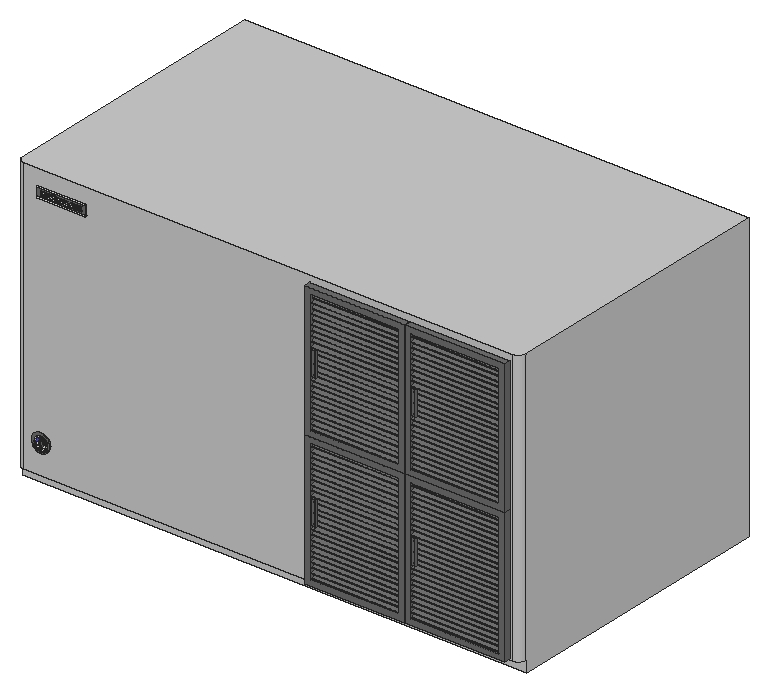
Revit family "QF_HOSHIZAKI_KM-590DJE-R452", category Specialty Equipment, Revit 2016
Family settings
  Part Type = Normal
  Round Connector Dimension = Use Diameter
  OmniClass Number = 23.40.40.14
  OmniClass Title = Food Service Equipment
  Work Plane-Based = No
  Always vertical = Yes
  Cut with Voids When Loaded = No
  Shared = No
  Room Calculation Point = No
Parameters (values of type "KM-590DJE-R452_230V/1Ph/50Hz")
  Weight = 136.00 kg
  Waste Remarks [instance] = ""
  Volts = 230 V
  URL Cutsheet = ""
  URL = "www.hoshizaki-europe.com"
  Status [instance] = ""
  Specification by User [instance] = ""
  Specification by Manufacturer [instance] = ""
  Serial Number = ""
  Seismic Rating = ""
  SMACNA No = ""
  Revision Code [instance] = ""
  Phase = 1
  Number of Poles = 2
  NAFEM Spec ID Number = ""
  Model = "KM-590DJE-R452"
  Min Ckt Ampacity = 0 A
  Max Overcurrent Protection = 0 A
  Masterspec = ""
  Manufacturer = "HOSHIZAKI"
  Length Actual = 1225 mm
  Item Number [instance] = ""
  Installed By [instance] = ""
  Indirect Waste Size = 19.05 mm
  Indirect Waste Connection Type [instance] = ""
  Indirect Waste Connection Height [instance] = 26 mm
  Identify Quantity as Lot [instance] = no
  Height Actual = 695 mm
  HP power = ""
  Furnished By [instance] = ""
  Foodservice Equipment Identifier [instance] = yes
  FL Amps = 9 A
  Electric power = 2080 W
  Electric Connection Type [instance] = ""
  Elec Conn RI Height [instance] = 0 mm
  Elec Conn Connection Height [instance] = 643 mm
  Direct Waste RI Height [instance] = 0 mm
  Description = "MODULAR KM ICE MAKER, 630KG PER 24 HOURS, CRESCENT"
  Depth Actual = 695 mm
  Cycle = 50 Hz
  Cost = 0
  Conn Plug = ""
  Conn Conduit = no
  Cold Water Temperature Recommended = 0 °C
  Cold Water Size = 12.7 mm
  Cold Water Flow = 0.0 L/s
  Cold Water Connection Height [instance] = 643 mm
  CSI MasterFormat = ""
  Assembly Code = "E1090320"
  Apparent Power = 2080 VA
  Accessory = no
Reference planes
  plane 1 "Center (Front/Back)": y = 0
  plane 2: z = 0
  plane 3 "Center (Left/Right)": x = 0
Forms (mm)
  Extrusion 1, solid, not visible
    sketch origin (978, -2, 642) x (1, 0, 0) y (0, 1, 0)
      loop
        line (0, 0) -> (2, 0) -> (2, 2) -> (0, 2) -> (0, 0)
    from 0 to 2
  Extrusion 2, solid, not visible
    sketch origin (796, -2, 642) x (1, 0, 0) y (0, 1, 0)
      loop
        line (0, 0) -> (2, 0) -> (2, 2) -> (0, 2) -> (0, 0)
    from 0 to 2
  Extrusion 3, solid, not visible
    sketch origin (194, -2, 25) x (1, 0, 0) y (0, 1, 0)
      loop
        line (0, 0) -> (2, 0) -> (2, 2) -> (0, 2) -> (0, 0)
    from 0 to 2
Dimensions and locks
  aligned and locked: level to plane 2
Nested families
  nested 1: "QF_HOSHIZAKI_KM-590DJE-R452_230V_1Ph_50Hz" at (0, 0, 0), type "KM-590DJE-R452_230V/1Ph/50Hz"
    with Show Logo yes, Show Clearance yes
Connectors
  electrical at (979, 0, 643), driven by "Apparent Power", driven by "Number of Poles", driven by "Volts"
    settings: on Extrusion 1, index 1, voltage 230 V, apparent load 0 VA, apparent load phase1 2080 VA, apparent load phase2 0 VA, apparent load phase3 0 VA, power factor 1, load classification "Other", number of poles 2, system type 31, power factor state 1, is connector primary yes, connector utility no, sub classification motor no, connector description "Electric connection for 'KM-590DJE-R452'"
  piping at (797, 0, 643), diameter 12.7, driven by "Cold Water Size", driven by "Cold Water Flow"
    settings: on Extrusion 2, index 2, connector inside diameter 609.6 mm, connector length 0 mm, flow factor 0, pipe flow 0.0 L/s, pressure drop 0.0 Pa, fitting loss kfactor 0, connector angle 0.00°, fixture units 0, engagement length 0 mm, angle of deflection 0.00°, flow configuration 1, flow direction 1, fitting loss method 0, system type 20, joint type 0, gender type 0, connector reference index -1, connector utility 0, adjustable connector no, is connector primary yes, connector description "Cold Water connection for 'KM-590DJE-R452'"
  piping at (195, 0, 26), diameter 19.05, driven by "Indirect Waste Size"
    settings: on Extrusion 3, index 3, connector inside diameter 609.6 mm, connector length 0 mm, flow factor 0, pipe flow 0.0 L/s, pressure drop 0.0 Pa, fitting loss kfactor 0, connector angle 0.00°, fixture units 0, engagement length 0 mm, angle of deflection 0.00°, flow configuration 1, flow direction 2, fitting loss method 0, system type 16, joint type 0, gender type 0, connector reference index -1, connector utility 0, adjustable connector no, is connector primary no, connector description "Drain connection for 'KM-590DJE-R452'"
Definition of nested family "QF_HOSHIZAKI_KM-590DJE-R452_230V_1Ph_50Hz"
  Parameters (values of type "KM-590DJE-R452_230V/1Ph/50Hz")
    URL = "www.hoshizaki-europe.com"
    Show Logo [instance] = yes
    Show Clearance [instance] = yes
    Model = "KM-590DJE-R452"
    Manufacturer = "HOSHIZAKI"
    Description = "MODULAR KM ICE MAKER, 630KG PER 24 HOURS, CRESCENT"
    Assembly Code = "E1090320"
  Reference planes
    plane 1 "Back": y = 0
    plane 2: z = 0
    plane 3 "Left": x = 0
    plane 4 "Right": x = 1225
    plane 5 "Front": y = -695
    plane 6 "Top": z = 695
  Forms (mm)
    Extrusion 1, solid
      sketch origin (63, 0, -5) x (1, 0, 0) y (0, 0, 1)
        loop
          circle (132, 31) r 14
        loop
          circle (132, 31) r 12
      from 0 to -20
    Extrusion 2, solid
      sketch origin (319, 0, -132) x (1, 0, 0) y (0, 0, 1)
        loop
          circle (478, 775) r 14
        loop
          circle (478, 775) r 12
      from 0 to -20
    Extrusion 3, solid, visible <- "Show Logo"
      sketch origin (25, -695, 83.5) x (-1, 0, 0) y (0, 0, 1)
        loop
          line (-34.966, 567.015) -> (-40.766, 567.015) -> (-40.766, 565.73) -> (-38.944, 564.902) -> (-38.944, 562.682) -> (-43.554, 562.682) -> (-43.554, 564.902) -> (-41.731, 565.73) -> (-41.731, 567.015) -> (-47.532, 567.015) -> (-47.532, 565.73) -> (-46.098, 564.902) -> (-46.098, 558.114) -> (-47.532, 557.286) -> (-47.532, 556) -> (-41.731, 556) -> (-41.731, 557.286) -> (-43.554, 558.114) -> (-43.554, 560.673) -> (-38.944, 560.673) -> (-38.944, 558.114) -> (-40.766, 557.286) -> (-40.766, 556) -> (-34.966, 556) -> (-34.966, 557.286) -> (-36.4, 558.114) -> (-36.4, 564.902) -> (-34.966, 565.73) -> (-34.966, 567.015)
        loop
          spline (-53.399, 556.042) -> (-51.878, 556.229) -> (-50.461, 556.777) -> (-49.244, 557.649) -> (-48.31, 558.785) -> (-47.723, 560.108) -> (-47.523, 561.528) -> (-47.723, 562.949) -> (-48.31, 564.272) -> (-49.244, 565.408) -> (-50.461, 566.28) -> (-51.878, 566.828) -> (-53.399, 567.015)
          spline (-53.399, 567.015) -> (-54.92, 566.828) -> (-56.337, 566.28) -> (-57.554, 565.408) -> (-58.488, 564.272) -> (-59.075, 562.949) -> (-59.276, 561.528) -> (-59.075, 560.108) -> (-58.488, 558.785) -> (-57.554, 557.649) -> (-56.337, 556.777) -> (-54.92, 556.229) -> (-53.399, 556.042)
        loop
          spline (-53.299, 557.388) -> (-52.547, 557.529) -> (-51.847, 557.943) -> (-51.245, 558.601) -> (-50.784, 559.458) -> (-50.493, 560.457) -> (-50.394, 561.528) -> (-50.493, 562.6) -> (-50.784, 563.598) -> (-51.245, 564.456) -> (-51.847, 565.114) -> (-52.547, 565.527) -> (-53.299, 565.668)
          spline (-53.299, 565.668) -> (-54.051, 565.527) -> (-54.752, 565.114) -> (-55.353, 564.456) -> (-55.815, 563.598) -> (-56.105, 562.6) -> (-56.204, 561.528) -> (-56.105, 560.457) -> (-55.815, 559.458) -> (-55.353, 558.601) -> (-54.752, 557.943) -> (-54.051, 557.529) -> (-53.299, 557.388)
        loop
          line (-69.829, 567.094) -> (-69.829, 563.369) -> (-68.139, 563.369) -> (-66.541, 565.495)
          arc (-66.541, 565.495) -> (-65.019, 565.695) -> (-63.498, 565.495) r 5.879
          arc (-63.498, 565.495) -> (-62.682, 564.432) -> (-63.498, 563.369) r 1.1
          line (-63.498, 563.369) -> (-69.29, 561.817)
          arc (-69.29, 561.817) -> (-70.234, 559.317) -> (-69.29, 556.817) r 3.783
          arc (-69.29, 556.817) -> (-65.84, 555.742) -> (-62.391, 556.817) r 6.071
          line (-62.391, 556.817) -> (-61.743, 556.17) -> (-59.855, 556.17) -> (-59.855, 559.779) -> (-61.862, 559.779) -> (-63.839, 557.802)
          arc (-63.839, 557.802) -> (-65.344, 557.537) -> (-66.85, 557.802) r 4.401
          arc (-66.85, 557.802) -> (-67.476, 558.697) -> (-66.85, 559.592) r 0.953
          line (-66.85, 559.592) -> (-61.612, 561.499)
          arc (-61.612, 561.499) -> (-59.989, 563.999) -> (-61.612, 566.499) r 2.737
          arc (-61.612, 566.499) -> (-64.578, 567.129) -> (-67.544, 566.499) r 7.289
          line (-67.544, 566.499) -> (-68.139, 567.094) -> (-69.829, 567.094)
        loop
          line (-71.301, 567.015) -> (-77.102, 567.015) -> (-77.102, 565.73) -> (-75.279, 564.902) -> (-75.279, 562.682) -> (-79.89, 562.682) -> (-79.89, 564.902) -> (-78.067, 565.73) -> (-78.067, 567.015) -> (-83.867, 567.015) -> (-83.867, 565.73) -> (-82.433, 564.902) -> (-82.433, 558.114) -> (-83.867, 557.286) -> (-83.867, 556) -> (-78.067, 556) -> (-78.067, 557.286) -> (-79.89, 558.114) -> (-79.89, 560.673) -> (-75.279, 560.673) -> (-75.279, 558.114) -> (-77.102, 557.286) -> (-77.102, 556) -> (-71.301, 556) -> (-71.301, 557.286) -> (-72.736, 558.114) -> (-72.736, 564.902) -> (-71.301, 565.73) -> (-71.301, 567.015)
        loop
          line (-90.776, 567.015) -> (-90.776, 565.73) -> (-89.342, 564.902) -> (-89.342, 558.114) -> (-90.776, 557.286) -> (-90.776, 556) -> (-84.989, 556) -> (-84.989, 557.286) -> (-86.423, 558.114) -> (-86.423, 564.902) -> (-84.989, 565.73) -> (-84.989, 567.015) -> (-90.776, 567.015)
        loop
          line (-92.073, 567.015) -> (-101.842, 567.015) -> (-101.842, 565.297) -> (-95.543, 557.791) -> (-98.873, 557.791) -> (-100.144, 558.681) -> (-100.144, 560.456) -> (-101.842, 560.456) -> (-101.842, 556) -> (-92.073, 556) -> (-92.073, 557.791) -> (-97.907, 564.744) -> (-97.907, 565.637) -> (-94.625, 565.637) -> (-93.746, 564.758) -> (-93.746, 562.341) -> (-92.073, 562.341) -> (-92.073, 567.015)
        loop
          line (-102.808, 556) -> (-102.808, 557.427) -> (-103.934, 557.427) -> (-107.808, 567.015) -> (-109.97, 567.015) -> (-113.886, 557.791) -> (-114.741, 557.791) -> (-114.741, 556) -> (-109.113, 556) -> (-109.113, 557.427) -> (-110.221, 557.427) -> (-111.13, 558.335) -> (-110.247, 559.596) -> (-106.153, 559.596) -> (-105.593, 558.058) -> (-106.224, 557.427) -> (-107.808, 557.427) -> (-107.808, 556) -> (-102.808, 556)
        loop
          line (-115.159, 567.015) -> (-120.444, 567.015) -> (-120.444, 565.595) -> (-119.405, 565.595) -> (-119.405, 561.351) -> (-123.648, 565.595) -> (-122.274, 565.595) -> (-122.274, 567.015) -> (-127.274, 567.015) -> (-127.274, 565.595) -> (-125.79, 565.595) -> (-123.002, 562.806) -> (-127.274, 557.791) -> (-128.486, 557.791) -> (-128.486, 556) -> (-122.274, 556) -> (-122.274, 557.791) -> (-123.993, 557.791) -> (-120.99, 560.794) -> (-119.405, 559.209) -> (-119.405, 557.791) -> (-120.444, 557.791) -> (-120.444, 556) -> (-115.444, 556) -> (-115.444, 557.791) -> (-116.869, 557.791) -> (-116.869, 565.595) -> (-115.159, 565.595) -> (-115.159, 567.015)
        loop
          line (-135, 567.015) -> (-135, 565.73) -> (-133.566, 564.902) -> (-133.566, 558.114) -> (-135, 557.286) -> (-135, 556) -> (-129.213, 556) -> (-129.213, 557.286) -> (-130.648, 558.114) -> (-130.648, 564.902) -> (-129.213, 565.73) -> (-129.213, 567.015) -> (-135, 567.015)
        loop
          line (-108.15, 564.538) -> (-109.61, 561.096) -> (-106.759, 561.096) -> (-108.15, 564.538)
      from 1 to -1.5
    Extrusion 4, solid, visible <- "Show Logo"
      sketch origin (25, -695, 83.5) x (-1, 0, 0) y (0, 0, 1)
        loop
          line (-25, 572) -> (-145, 572) -> (-145, 551) -> (-25, 551) -> (-25, 572)
      from 1 to -1
    Extrusion 5, solid, visible <- "Show Logo"
      sketch origin (25, -695, 83.5) x (-1, 0, 0) y (0, 0, 1)
        loop
          line (-28, 575) -> (-142, 575)
          arc (-142, 575) -> (-144.121, 574.121) -> (-145, 572) r 3
          line (-145, 572) -> (-25, 572)
          arc (-25, 572) -> (-25.879, 574.121) -> (-28, 575) r 3
        loop
          line (-142, 548) -> (-28, 548)
          arc (-28, 548) -> (-25.879, 548.879) -> (-25, 551) r 3
          line (-25, 551) -> (-145, 551)
          arc (-145, 551) -> (-144.121, 548.879) -> (-142, 548) r 3
      from 1 to -1
    Extrusion 6, solid, visible <- "Show Logo"
      sketch origin (519.884, -694.5, -1762.5) x (-1, 0, 0) y (0, 0, -1)
        loop
          circle (459.884, -1862.5) r 13.99
      from -0.5 to 2
    Extrusion 7, solid, visible <- "Show Logo"
      sketch origin (519.884, -695, -1762.5) x (-1, 0, 0) y (0, 0, -1)
        loop
          circle (459.884, -1862.5) r 15
        loop
          arc (446.884, -1862.5) -> (460.705, -1875.474) -> (472.781, -1860.863) r 13
          line (472.781, -1860.863) -> (470.355, -1858.437) -> (469.346, -1862.201) -> (466.355, -1863.928) -> (465.024, -1865.26) -> (463.375, -1865.26) -> (462.04, -1870.241) -> (457.755, -1870.241) -> (459.339, -1867.979) -> (460.402, -1864.014) -> (461.224, -1860.945) -> (462.416, -1856.497) -> (461.216, -1855.297) -> (459.433, -1857.843) -> (455.784, -1851.523) -> (460.361, -1851.523) -> (461.471, -1853.446) -> (469.213, -1853.446)
          arc (469.213, -1853.446) -> (460.394, -1849.51) -> (451.293, -1852.743) r 13
          line (451.293, -1852.743) -> (455.577, -1853.891) -> (453.752, -1856.497) -> (455.349, -1856.497) -> (454.477, -1866.459) -> (452.538, -1866.459) -> (446.884, -1862.5)
        loop
          line (447.853, -1857.467) -> (452.313, -1861.926) -> (450.144, -1853.891)
          arc (450.144, -1853.891) -> (448.878, -1855.602) -> (447.853, -1857.467) r 15.828
        loop
          line (463.583, -1862.877) -> (466.64, -1862.399) -> (464.901, -1861.285) -> (463.583, -1857.664) -> (463.583, -1862.877)
        loop
          line (464.827, -1855.979) -> (468.296, -1856.908) -> (469.573, -1854.916) -> (468.881, -1854.224) -> (467.914, -1855.035) -> (464.827, -1855.979)
        loop
          line (462.609, -1872.307) -> (462.609, -1874.009) -> (464.927, -1873.388) -> (462.609, -1872.307)
        loop
          line (460.361, -1874.662) -> (459.594, -1873.335) -> (460.801, -1872.638) -> (459.186, -1872.205) -> (458.298, -1874.11) -> (460.361, -1874.662)
        loop
          line (459.623, -1846.783) -> (460.706, -1845.701) -> (462.247, -1845.701) -> (461.191, -1844.645) -> (461.503, -1842.874) -> (459.623, -1843.959) -> (457.743, -1842.874) -> (458.055, -1844.645) -> (456.999, -1845.701) -> (458.54, -1845.701) -> (459.623, -1846.783)
        loop
          line (446.86, -1853.7) -> (446.594, -1852.191) -> (447.478, -1850.929) -> (446.007, -1851.188) -> (444.736, -1849.917) -> (444.547, -1852.08) -> (442.579, -1852.997) -> (444.209, -1853.757) -> (444.468, -1855.228) -> (445.352, -1853.965) -> (446.86, -1853.7)
        loop
          line (452.395, -1848.68) -> (452.856, -1847.219) -> (454.223, -1846.508) -> (452.799, -1846.059) -> (452.258, -1844.344) -> (451.091, -1846.175) -> (448.922, -1846.08) -> (450.017, -1847.507) -> (449.568, -1848.931) -> (450.935, -1848.219) -> (452.395, -1848.68)
        loop
          line (472.909, -1853.7) -> (474.417, -1853.965) -> (475.301, -1855.228) -> (475.56, -1853.757) -> (477.19, -1852.997) -> (475.222, -1852.08) -> (475.033, -1849.917) -> (473.761, -1851.188) -> (472.291, -1850.929) -> (473.175, -1852.191) -> (472.909, -1853.7)
        loop
          line (467.374, -1848.68) -> (468.834, -1848.219) -> (470.201, -1848.931) -> (469.752, -1847.507) -> (470.847, -1846.08) -> (468.678, -1846.175) -> (467.511, -1844.344) -> (466.97, -1846.059) -> (465.546, -1846.508) -> (466.913, -1847.219) -> (467.374, -1848.68)
      from 0 to 2
    Extrusion 8, solid, visible <- "Show Logo"
      sketch origin (519.884, -695, -1762.5) x (-1, 0, 0) y (0, 0, -1)
        loop
          line (462.609, -1874.009) -> (462.609, -1872.307) -> (462.085, -1870.241) -> (457.755, -1870.241) -> (459.339, -1867.979) -> (462.416, -1856.497) -> (461.216, -1855.297) -> (459.433, -1857.843) -> (455.808, -1851.565) -> (453.948, -1851.565) -> (455.577, -1853.891) -> (454.477, -1866.459) -> (456.345, -1871.339)
          arc (456.345, -1871.339) -> (456.868, -1874.025) -> (459.213, -1875.435) r 3.366
          arc (459.213, -1875.435) -> (460.198, -1875.496) -> (461.183, -1875.435) r 8.046
          line (461.183, -1875.435) -> (462.609, -1874.009)
        loop
          line (456.854, -1851.523) -> (460.361, -1851.523) -> (460.916, -1852.485) -> (462.702, -1852.485) -> (463.779, -1851.407) -> (460.623, -1851.407) -> (461.563, -1850.468) -> (456.245, -1850.468) -> (456.854, -1851.523)
        loop
          line (460.361, -1874.662) -> (459.594, -1873.335) -> (460.801, -1872.638) -> (459.186, -1872.205) -> (458.298, -1874.11) -> (460.361, -1874.662)
      from 0 to 2
    Extrusion 9, solid, visible <- "Show Logo"
      sketch origin (-265.5, -694, -338.904) x (1, 0, 0) y (0, 0, 1)
        loop
          circle (325.5, 438.904) r 22.5
      from 0 to 2
    Extrusion 10, solid
      sketch origin (337.5, -567, 342.5) x (0, 1, 0) y (0, 0, 1)
        loop
          line (-128, 316.5) -> (-131, 316.5) -> (-131, 19.5) -> (-128, 19.5) -> (-128, 316.5)
      from 849.5 to 634.5
    Extrusion 11, solid
      sketch origin (816, -695, 201) x (-1, 0, 0) y (0, 0, 1)
        loop
          line (-142, 154) -> (-142, 479) -> (-385, 479) -> (-385, 154) -> (-142, 154)
        loop
          line (-156, 465) -> (-371, 465) -> (-371, 168) -> (-156, 168) -> (-156, 465)
      from 0 to -16
    Extrusion 12, solid
      sketch origin (0, 0, 0) x (1, 0, 0) y (0, 1, 0)
        loop
          line (0, 0) -> (0, -677)
          arc (0, -677) -> (5.272, -689.728) -> (18, -695) r 18
          line (18, -695) -> (1207, -695)
          arc (1207, -695) -> (1219.728, -689.728) -> (1225, -677) r 18
          line (1225, -677) -> (1225, 0) -> (0, 0)
      from 0 to 695
    Extrusion 13, solid
      sketch origin (511, -2, -89.5) x (1, 0, 0) y (0, 1, 0)
        loop
          line (472, -711) -> (474, -711) -> (474, -707) -> (461, -707) -> (461, -709) -> (472, -709) -> (472, -711)
      from 577 to 637
    Extrusion 14, void
      sketch origin (0, 0, 0) x (0, 1, 0) y (0, 0, 1)
        loop
          line (-695, 0) -> (-675, 0) -> (-675, 28) -> (-695, 28) -> (-695, 0)
      from 0 to 1225
    Extrusion 15, solid
      sketch origin (766.25, -313.885, 882.605) x (1, 0, 0) y (0, 0.866025, 0.5)
        loop
          line (205.75, -443) -> (205.75, -454.478)
          arc (205.75, -454.478) -> (313.266, -459.645) -> (420.75, -453.86) r 1057.927
          line (420.75, -453.86) -> (420.75, -443) -> (205.75, -443)
      from 2 to 5
    Extrusion 16, solid
      sketch origin (766.25, -313.885, 870.605) x (1, 0, 0) y (0, 0.866025, 0.5)
        loop
          line (205.75, -443) -> (205.75, -454.478)
          arc (205.75, -454.478) -> (313.266, -459.645) -> (420.75, -453.86) r 1057.927
          line (420.75, -453.86) -> (420.75, -443) -> (205.75, -443)
      from 2 to 5
    Extrusion 17, solid
      sketch origin (766.25, -313.885, 858.605) x (1, 0, 0) y (0, 0.866025, 0.5)
        loop
          line (205.75, -443) -> (205.75, -454.478)
          arc (205.75, -454.478) -> (313.266, -459.645) -> (420.75, -453.86) r 1057.927
          line (420.75, -453.86) -> (420.75, -443) -> (205.75, -443)
      from 2 to 5
    Extrusion 18, solid
      sketch origin (766.25, -313.885, 846.605) x (1, 0, 0) y (0, 0.866025, 0.5)
        loop
          line (205.75, -443) -> (205.75, -454.478)
          arc (205.75, -454.478) -> (313.266, -459.645) -> (420.75, -453.86) r 1057.927
          line (420.75, -453.86) -> (420.75, -443) -> (205.75, -443)
      from 2 to 5
    Extrusion 19, solid
      sketch origin (766.25, -313.885, 834.605) x (1, 0, 0) y (0, 0.866025, 0.5)
        loop
          line (205.75, -443) -> (205.75, -454.478)
          arc (205.75, -454.478) -> (313.266, -459.645) -> (420.75, -453.86) r 1057.927
          line (420.75, -453.86) -> (420.75, -443) -> (205.75, -443)
      from 2 to 5
    Extrusion 20, solid
      sketch origin (766.25, -313.885, 822.605) x (1, 0, 0) y (0, 0.866025, 0.5)
        loop
          line (205.75, -443) -> (205.75, -454.478)
          arc (205.75, -454.478) -> (313.266, -459.645) -> (420.75, -453.86) r 1057.927
          line (420.75, -453.86) -> (420.75, -443) -> (205.75, -443)
      from 2 to 5
    Extrusion 21, solid
      sketch origin (766.25, -313.885, 810.605) x (1, 0, 0) y (0, 0.866025, 0.5)
        loop
          line (205.75, -443) -> (205.75, -454.478)
          arc (205.75, -454.478) -> (313.266, -459.645) -> (420.75, -453.86) r 1057.927
          line (420.75, -453.86) -> (420.75, -443) -> (205.75, -443)
      from 2 to 5
    Extrusion 22, solid
      sketch origin (766.25, -313.885, 798.605) x (1, 0, 0) y (0, 0.866025, 0.5)
        loop
          line (205.75, -443) -> (205.75, -454.478)
          arc (205.75, -454.478) -> (313.266, -459.645) -> (420.75, -453.86) r 1057.927
          line (420.75, -453.86) -> (420.75, -443) -> (205.75, -443)
      from 2 to 5
    Extrusion 23, solid
      sketch origin (766.25, -313.885, 786.605) x (1, 0, 0) y (0, 0.866025, 0.5)
        loop
          line (205.75, -443) -> (205.75, -454.478)
          arc (205.75, -454.478) -> (313.266, -459.645) -> (420.75, -453.86) r 1057.927
          line (420.75, -453.86) -> (420.75, -443) -> (205.75, -443)
      from 2 to 5
    Extrusion 24, solid
      sketch origin (766.25, -313.885, 774.605) x (1, 0, 0) y (0, 0.866025, 0.5)
        loop
          line (205.75, -443) -> (205.75, -454.478)
          arc (205.75, -454.478) -> (313.266, -459.645) -> (420.75, -453.86) r 1057.927
          line (420.75, -453.86) -> (420.75, -443) -> (205.75, -443)
      from 2 to 5
    Extrusion 25, solid
      sketch origin (766.25, -313.885, 762.605) x (1, 0, 0) y (0, 0.866025, 0.5)
        loop
          line (205.75, -443) -> (205.75, -454.478)
          arc (205.75, -454.478) -> (313.266, -459.645) -> (420.75, -453.86) r 1057.927
          line (420.75, -453.86) -> (420.75, -443) -> (205.75, -443)
      from 2 to 5
    Extrusion 26, solid
      sketch origin (766.25, -313.885, 750.605) x (1, 0, 0) y (0, 0.866025, 0.5)
        loop
          line (205.75, -443) -> (205.75, -454.478)
          arc (205.75, -454.478) -> (313.266, -459.645) -> (420.75, -453.86) r 1057.927
          line (420.75, -453.86) -> (420.75, -443) -> (205.75, -443)
      from 2 to 5
    Extrusion 27, solid
      sketch origin (766.25, -313.885, 738.605) x (1, 0, 0) y (0, 0.866025, 0.5)
        loop
          line (205.75, -443) -> (205.75, -454.478)
          arc (205.75, -454.478) -> (313.266, -459.645) -> (420.75, -453.86) r 1057.927
          line (420.75, -453.86) -> (420.75, -443) -> (205.75, -443)
      from 2 to 5
    Extrusion 28, solid
      sketch origin (766.25, -313.885, 726.605) x (1, 0, 0) y (0, 0.866025, 0.5)
        loop
          line (205.75, -443) -> (205.75, -454.478)
          arc (205.75, -454.478) -> (313.266, -459.645) -> (420.75, -453.86) r 1057.927
          line (420.75, -453.86) -> (420.75, -443) -> (205.75, -443)
      from 2 to 5
    Extrusion 29, solid
      sketch origin (766.25, -313.885, 714.605) x (1, 0, 0) y (0, 0.866025, 0.5)
        loop
          line (205.75, -443) -> (205.75, -454.478)
          arc (205.75, -454.478) -> (313.266, -459.645) -> (420.75, -453.86) r 1057.927
          line (420.75, -453.86) -> (420.75, -443) -> (205.75, -443)
      from 2 to 5
    Extrusion 30, solid
      sketch origin (766.25, -313.885, 702.605) x (1, 0, 0) y (0, 0.866025, 0.5)
        loop
          line (205.75, -443) -> (205.75, -454.478)
          arc (205.75, -454.478) -> (313.266, -459.645) -> (420.75, -453.86) r 1057.927
          line (420.75, -453.86) -> (420.75, -443) -> (205.75, -443)
      from 2 to 5
    Extrusion 31, solid
      sketch origin (766.25, -313.885, 690.605) x (1, 0, 0) y (0, 0.866025, 0.5)
        loop
          line (205.75, -443) -> (205.75, -454.478)
          arc (205.75, -454.478) -> (313.266, -459.645) -> (420.75, -453.86) r 1057.927
          line (420.75, -453.86) -> (420.75, -443) -> (205.75, -443)
      from 2 to 5
    Extrusion 32, solid
      sketch origin (766.25, -313.885, 678.605) x (1, 0, 0) y (0, 0.866025, 0.5)
        loop
          line (205.75, -443) -> (205.75, -454.478)
          arc (205.75, -454.478) -> (313.266, -459.645) -> (420.75, -453.86) r 1057.927
          line (420.75, -453.86) -> (420.75, -443) -> (205.75, -443)
      from 2 to 5
    Extrusion 33, solid
      sketch origin (766.25, -313.885, 666.605) x (1, 0, 0) y (0, 0.866025, 0.5)
        loop
          line (205.75, -443) -> (205.75, -454.478)
          arc (205.75, -454.478) -> (313.266, -459.645) -> (420.75, -453.86) r 1057.927
          line (420.75, -453.86) -> (420.75, -443) -> (205.75, -443)
      from 2 to 5
    Extrusion 34, solid
      sketch origin (766.25, -313.885, 654.605) x (1, 0, 0) y (0, 0.866025, 0.5)
        loop
          line (205.75, -443) -> (205.75, -454.478)
          arc (205.75, -454.478) -> (313.266, -459.645) -> (420.75, -453.86) r 1057.927
          line (420.75, -453.86) -> (420.75, -443) -> (205.75, -443)
      from 2 to 5
    Extrusion 35, solid
      sketch origin (766.25, -313.885, 642.605) x (1, 0, 0) y (0, 0.866025, 0.5)
        loop
          line (205.75, -443) -> (205.75, -454.478)
          arc (205.75, -454.478) -> (313.266, -459.645) -> (420.75, -453.86) r 1057.927
          line (420.75, -453.86) -> (420.75, -443) -> (205.75, -443)
      from 2 to 5
    Extrusion 36, solid
      sketch origin (766.25, -313.885, 630.605) x (1, 0, 0) y (0, 0.866025, 0.5)
        loop
          line (205.75, -443) -> (205.75, -454.478)
          arc (205.75, -454.478) -> (313.266, -459.645) -> (420.75, -453.86) r 1057.927
          line (420.75, -453.86) -> (420.75, -443) -> (205.75, -443)
      from 2 to 5
    Extrusion 37, solid
      sketch origin (766.25, -313.885, 618.605) x (1, 0, 0) y (0, 0.866025, 0.5)
        loop
          line (205.75, -443) -> (205.75, -454.478)
          arc (205.75, -454.478) -> (313.266, -459.645) -> (420.75, -453.86) r 1057.927
          line (420.75, -453.86) -> (420.75, -443) -> (205.75, -443)
      from 2 to 5
    Extrusion 38, solid
      sketch origin (766.25, -313.885, 606.605) x (1, 0, 0) y (0, 0.866025, 0.5)
        loop
          line (205.75, -443) -> (205.75, -454.478)
          arc (205.75, -454.478) -> (313.266, -459.645) -> (420.75, -453.86) r 1057.927
          line (420.75, -453.86) -> (420.75, -443) -> (205.75, -443)
      from 2 to 5
    Extrusion 39, solid
      sketch origin (766.25, -313.885, 594.605) x (1, 0, 0) y (0, 0.866025, 0.5)
        loop
          line (205.75, -443) -> (205.75, -454.478)
          arc (205.75, -454.478) -> (313.266, -459.645) -> (420.75, -453.86) r 1057.927
          line (420.75, -453.86) -> (420.75, -443) -> (205.75, -443)
      from 2 to 5
    Extrusion 40, solid
      sketch origin (337.5, -567, 17.5) x (0, 1, 0) y (0, 0, 1)
        loop
          line (-128, 316.5) -> (-131, 316.5) -> (-131, 19.5) -> (-128, 19.5) -> (-128, 316.5)
      from 849.5 to 634.5
    Extrusion 41, solid
      sketch origin (816, -695, -124) x (-1, 0, 0) y (0, 0, 1)
        loop
          line (-142, 154) -> (-142, 479) -> (-385, 479) -> (-385, 154) -> (-142, 154)
        loop
          line (-156, 465) -> (-371, 465) -> (-371, 168) -> (-156, 168) -> (-156, 465)
      from 0 to -16
    Extrusion 42, solid
      sketch origin (511, -2, -414.5) x (1, 0, 0) y (0, 1, 0)
        loop
          line (472, -711) -> (474, -711) -> (474, -707) -> (461, -707) -> (461, -709) -> (472, -709) -> (472, -711)
      from 577 to 637
    Extrusion 43, solid
      sketch origin (766.25, -313.885, 557.605) x (1, 0, 0) y (0, 0.866025, 0.5)
        loop
          line (205.75, -443) -> (205.75, -454.478)
          arc (205.75, -454.478) -> (313.266, -459.645) -> (420.75, -453.86) r 1057.927
          line (420.75, -453.86) -> (420.75, -443) -> (205.75, -443)
      from 2 to 5
    Extrusion 44, solid
      sketch origin (766.25, -313.885, 545.605) x (1, 0, 0) y (0, 0.866025, 0.5)
        loop
          line (205.75, -443) -> (205.75, -454.478)
          arc (205.75, -454.478) -> (313.266, -459.645) -> (420.75, -453.86) r 1057.927
          line (420.75, -453.86) -> (420.75, -443) -> (205.75, -443)
      from 2 to 5
    Extrusion 45, solid
      sketch origin (766.25, -313.885, 533.605) x (1, 0, 0) y (0, 0.866025, 0.5)
        loop
          line (205.75, -443) -> (205.75, -454.478)
          arc (205.75, -454.478) -> (313.266, -459.645) -> (420.75, -453.86) r 1057.927
          line (420.75, -453.86) -> (420.75, -443) -> (205.75, -443)
      from 2 to 5
    Extrusion 46, solid
      sketch origin (766.25, -313.885, 521.605) x (1, 0, 0) y (0, 0.866025, 0.5)
        loop
          line (205.75, -443) -> (205.75, -454.478)
          arc (205.75, -454.478) -> (313.266, -459.645) -> (420.75, -453.86) r 1057.927
          line (420.75, -453.86) -> (420.75, -443) -> (205.75, -443)
      from 2 to 5
    Extrusion 47, solid
      sketch origin (766.25, -313.885, 509.605) x (1, 0, 0) y (0, 0.866025, 0.5)
        loop
          line (205.75, -443) -> (205.75, -454.478)
          arc (205.75, -454.478) -> (313.266, -459.645) -> (420.75, -453.86) r 1057.927
          line (420.75, -453.86) -> (420.75, -443) -> (205.75, -443)
      from 2 to 5
    Extrusion 48, solid
      sketch origin (766.25, -313.885, 497.605) x (1, 0, 0) y (0, 0.866025, 0.5)
        loop
          line (205.75, -443) -> (205.75, -454.478)
          arc (205.75, -454.478) -> (313.266, -459.645) -> (420.75, -453.86) r 1057.927
          line (420.75, -453.86) -> (420.75, -443) -> (205.75, -443)
      from 2 to 5
    Extrusion 49, solid
      sketch origin (766.25, -313.885, 485.605) x (1, 0, 0) y (0, 0.866025, 0.5)
        loop
          line (205.75, -443) -> (205.75, -454.478)
          arc (205.75, -454.478) -> (313.266, -459.645) -> (420.75, -453.86) r 1057.927
          line (420.75, -453.86) -> (420.75, -443) -> (205.75, -443)
      from 2 to 5
    Extrusion 50, solid
      sketch origin (766.25, -313.885, 473.605) x (1, 0, 0) y (0, 0.866025, 0.5)
        loop
          line (205.75, -443) -> (205.75, -454.478)
          arc (205.75, -454.478) -> (313.266, -459.645) -> (420.75, -453.86) r 1057.927
          line (420.75, -453.86) -> (420.75, -443) -> (205.75, -443)
      from 2 to 5
    Extrusion 51, solid
      sketch origin (766.25, -313.885, 461.605) x (1, 0, 0) y (0, 0.866025, 0.5)
        loop
          line (205.75, -443) -> (205.75, -454.478)
          arc (205.75, -454.478) -> (313.266, -459.645) -> (420.75, -453.86) r 1057.927
          line (420.75, -453.86) -> (420.75, -443) -> (205.75, -443)
      from 2 to 5
    Extrusion 52, solid
      sketch origin (766.25, -313.885, 449.605) x (1, 0, 0) y (0, 0.866025, 0.5)
        loop
          line (205.75, -443) -> (205.75, -454.478)
          arc (205.75, -454.478) -> (313.266, -459.645) -> (420.75, -453.86) r 1057.927
          line (420.75, -453.86) -> (420.75, -443) -> (205.75, -443)
      from 2 to 5
    Extrusion 53, solid
      sketch origin (766.25, -313.885, 437.605) x (1, 0, 0) y (0, 0.866025, 0.5)
        loop
          line (205.75, -443) -> (205.75, -454.478)
          arc (205.75, -454.478) -> (313.266, -459.645) -> (420.75, -453.86) r 1057.927
          line (420.75, -453.86) -> (420.75, -443) -> (205.75, -443)
      from 2 to 5
    Extrusion 54, solid
      sketch origin (766.25, -313.885, 425.605) x (1, 0, 0) y (0, 0.866025, 0.5)
        loop
          line (205.75, -443) -> (205.75, -454.478)
          arc (205.75, -454.478) -> (313.266, -459.645) -> (420.75, -453.86) r 1057.927
          line (420.75, -453.86) -> (420.75, -443) -> (205.75, -443)
      from 2 to 5
    Extrusion 55, solid
      sketch origin (766.25, -313.885, 413.605) x (1, 0, 0) y (0, 0.866025, 0.5)
        loop
          line (205.75, -443) -> (205.75, -454.478)
          arc (205.75, -454.478) -> (313.266, -459.645) -> (420.75, -453.86) r 1057.927
          line (420.75, -453.86) -> (420.75, -443) -> (205.75, -443)
      from 2 to 5
    Extrusion 56, solid
      sketch origin (766.25, -313.885, 401.605) x (1, 0, 0) y (0, 0.866025, 0.5)
        loop
          line (205.75, -443) -> (205.75, -454.478)
          arc (205.75, -454.478) -> (313.266, -459.645) -> (420.75, -453.86) r 1057.927
          line (420.75, -453.86) -> (420.75, -443) -> (205.75, -443)
      from 2 to 5
    Extrusion 57, solid
      sketch origin (766.25, -313.885, 389.605) x (1, 0, 0) y (0, 0.866025, 0.5)
        loop
          line (205.75, -443) -> (205.75, -454.478)
          arc (205.75, -454.478) -> (313.266, -459.645) -> (420.75, -453.86) r 1057.927
          line (420.75, -453.86) -> (420.75, -443) -> (205.75, -443)
      from 2 to 5
    Extrusion 58, solid
      sketch origin (766.25, -313.885, 377.605) x (1, 0, 0) y (0, 0.866025, 0.5)
        loop
          line (205.75, -443) -> (205.75, -454.478)
          arc (205.75, -454.478) -> (313.266, -459.645) -> (420.75, -453.86) r 1057.927
          line (420.75, -453.86) -> (420.75, -443) -> (205.75, -443)
      from 2 to 5
    Extrusion 59, solid
      sketch origin (766.25, -313.885, 365.605) x (1, 0, 0) y (0, 0.866025, 0.5)
        loop
          line (205.75, -443) -> (205.75, -454.478)
          arc (205.75, -454.478) -> (313.266, -459.645) -> (420.75, -453.86) r 1057.927
          line (420.75, -453.86) -> (420.75, -443) -> (205.75, -443)
      from 2 to 5
    Extrusion 60, solid
      sketch origin (766.25, -313.885, 353.605) x (1, 0, 0) y (0, 0.866025, 0.5)
        loop
          line (205.75, -443) -> (205.75, -454.478)
          arc (205.75, -454.478) -> (313.266, -459.645) -> (420.75, -453.86) r 1057.927
          line (420.75, -453.86) -> (420.75, -443) -> (205.75, -443)
      from 2 to 5
    Extrusion 61, solid
      sketch origin (766.25, -313.885, 341.605) x (1, 0, 0) y (0, 0.866025, 0.5)
        loop
          line (205.75, -443) -> (205.75, -454.478)
          arc (205.75, -454.478) -> (313.266, -459.645) -> (420.75, -453.86) r 1057.927
          line (420.75, -453.86) -> (420.75, -443) -> (205.75, -443)
      from 2 to 5
    Extrusion 62, solid
      sketch origin (766.25, -313.885, 329.605) x (1, 0, 0) y (0, 0.866025, 0.5)
        loop
          line (205.75, -443) -> (205.75, -454.478)
          arc (205.75, -454.478) -> (313.266, -459.645) -> (420.75, -453.86) r 1057.927
          line (420.75, -453.86) -> (420.75, -443) -> (205.75, -443)
      from 2 to 5
    Extrusion 63, solid
      sketch origin (766.25, -313.885, 317.605) x (1, 0, 0) y (0, 0.866025, 0.5)
        loop
          line (205.75, -443) -> (205.75, -454.478)
          arc (205.75, -454.478) -> (313.266, -459.645) -> (420.75, -453.86) r 1057.927
          line (420.75, -453.86) -> (420.75, -443) -> (205.75, -443)
      from 2 to 5
    Extrusion 64, solid
      sketch origin (766.25, -313.885, 305.605) x (1, 0, 0) y (0, 0.866025, 0.5)
        loop
          line (205.75, -443) -> (205.75, -454.478)
          arc (205.75, -454.478) -> (313.266, -459.645) -> (420.75, -453.86) r 1057.927
          line (420.75, -453.86) -> (420.75, -443) -> (205.75, -443)
      from 2 to 5
    Extrusion 65, solid
      sketch origin (766.25, -313.885, 293.605) x (1, 0, 0) y (0, 0.866025, 0.5)
        loop
          line (205.75, -443) -> (205.75, -454.478)
          arc (205.75, -454.478) -> (313.266, -459.645) -> (420.75, -453.86) r 1057.927
          line (420.75, -453.86) -> (420.75, -443) -> (205.75, -443)
      from 2 to 5
    Extrusion 66, solid
      sketch origin (766.25, -313.885, 281.605) x (1, 0, 0) y (0, 0.866025, 0.5)
        loop
          line (205.75, -443) -> (205.75, -454.478)
          arc (205.75, -454.478) -> (313.266, -459.645) -> (420.75, -453.86) r 1057.927
          line (420.75, -453.86) -> (420.75, -443) -> (205.75, -443)
      from 2 to 5
    Extrusion 67, solid
      sketch origin (766.25, -313.885, 269.605) x (1, 0, 0) y (0, 0.866025, 0.5)
        loop
          line (205.75, -443) -> (205.75, -454.478)
          arc (205.75, -454.478) -> (313.266, -459.645) -> (420.75, -453.86) r 1057.927
          line (420.75, -453.86) -> (420.75, -443) -> (205.75, -443)
      from 2 to 5
    Extrusion 68, solid
      sketch origin (94.5, -567, 342.5) x (0, 1, 0) y (0, 0, 1)
        loop
          line (-128, 316.5) -> (-131, 316.5) -> (-131, 19.5) -> (-128, 19.5) -> (-128, 316.5)
      from 849.5 to 634.5
    Extrusion 69, solid
      sketch origin (573, -695, 201) x (-1, 0, 0) y (0, 0, 1)
        loop
          line (-142, 154) -> (-142, 479) -> (-385, 479) -> (-385, 154) -> (-142, 154)
        loop
          line (-156, 465) -> (-371, 465) -> (-371, 168) -> (-156, 168) -> (-156, 465)
      from 0 to -16
    Extrusion 70, solid
      sketch origin (268, -2, -89.5) x (1, 0, 0) y (0, 1, 0)
        loop
          line (472, -711) -> (474, -711) -> (474, -707) -> (461, -707) -> (461, -709) -> (472, -709) -> (472, -711)
      from 577 to 637
    Extrusion 71, solid
      sketch origin (523.25, -313.885, 882.605) x (1, 0, 0) y (0, 0.866025, 0.5)
        loop
          line (205.75, -443) -> (205.75, -454.478)
          arc (205.75, -454.478) -> (313.266, -459.645) -> (420.75, -453.86) r 1057.927
          line (420.75, -453.86) -> (420.75, -443) -> (205.75, -443)
      from 2 to 5
    Extrusion 72, solid
      sketch origin (523.25, -313.885, 870.605) x (1, 0, 0) y (0, 0.866025, 0.5)
        loop
          line (205.75, -443) -> (205.75, -454.478)
          arc (205.75, -454.478) -> (313.266, -459.645) -> (420.75, -453.86) r 1057.927
          line (420.75, -453.86) -> (420.75, -443) -> (205.75, -443)
      from 2 to 5
    Extrusion 73, solid
      sketch origin (523.25, -313.885, 858.605) x (1, 0, 0) y (0, 0.866025, 0.5)
        loop
          line (205.75, -443) -> (205.75, -454.478)
          arc (205.75, -454.478) -> (313.266, -459.645) -> (420.75, -453.86) r 1057.927
          line (420.75, -453.86) -> (420.75, -443) -> (205.75, -443)
      from 2 to 5
    Extrusion 74, solid
      sketch origin (523.25, -313.885, 846.605) x (1, 0, 0) y (0, 0.866025, 0.5)
        loop
          line (205.75, -443) -> (205.75, -454.478)
          arc (205.75, -454.478) -> (313.266, -459.645) -> (420.75, -453.86) r 1057.927
          line (420.75, -453.86) -> (420.75, -443) -> (205.75, -443)
      from 2 to 5
    Extrusion 75, solid
      sketch origin (523.25, -313.885, 834.605) x (1, 0, 0) y (0, 0.866025, 0.5)
        loop
          line (205.75, -443) -> (205.75, -454.478)
          arc (205.75, -454.478) -> (313.266, -459.645) -> (420.75, -453.86) r 1057.927
          line (420.75, -453.86) -> (420.75, -443) -> (205.75, -443)
      from 2 to 5
    Extrusion 76, solid
      sketch origin (523.25, -313.885, 822.605) x (1, 0, 0) y (0, 0.866025, 0.5)
        loop
          line (205.75, -443) -> (205.75, -454.478)
          arc (205.75, -454.478) -> (313.266, -459.645) -> (420.75, -453.86) r 1057.927
          line (420.75, -453.86) -> (420.75, -443) -> (205.75, -443)
      from 2 to 5
    Extrusion 77, solid
      sketch origin (523.25, -313.885, 810.605) x (1, 0, 0) y (0, 0.866025, 0.5)
        loop
          line (205.75, -443) -> (205.75, -454.478)
          arc (205.75, -454.478) -> (313.266, -459.645) -> (420.75, -453.86) r 1057.927
          line (420.75, -453.86) -> (420.75, -443) -> (205.75, -443)
      from 2 to 5
    Extrusion 78, solid
      sketch origin (523.25, -313.885, 798.605) x (1, 0, 0) y (0, 0.866025, 0.5)
        loop
          line (205.75, -443) -> (205.75, -454.478)
          arc (205.75, -454.478) -> (313.266, -459.645) -> (420.75, -453.86) r 1057.927
          line (420.75, -453.86) -> (420.75, -443) -> (205.75, -443)
      from 2 to 5
    Extrusion 79, solid
      sketch origin (523.25, -313.885, 786.605) x (1, 0, 0) y (0, 0.866025, 0.5)
        loop
          line (205.75, -443) -> (205.75, -454.478)
          arc (205.75, -454.478) -> (313.266, -459.645) -> (420.75, -453.86) r 1057.927
          line (420.75, -453.86) -> (420.75, -443) -> (205.75, -443)
      from 2 to 5
    Extrusion 80, solid
      sketch origin (523.25, -313.885, 774.605) x (1, 0, 0) y (0, 0.866025, 0.5)
        loop
          line (205.75, -443) -> (205.75, -454.478)
          arc (205.75, -454.478) -> (313.266, -459.645) -> (420.75, -453.86) r 1057.927
          line (420.75, -453.86) -> (420.75, -443) -> (205.75, -443)
      from 2 to 5
    Extrusion 81, solid
      sketch origin (523.25, -313.885, 762.605) x (1, 0, 0) y (0, 0.866025, 0.5)
        loop
          line (205.75, -443) -> (205.75, -454.478)
          arc (205.75, -454.478) -> (313.266, -459.645) -> (420.75, -453.86) r 1057.927
          line (420.75, -453.86) -> (420.75, -443) -> (205.75, -443)
      from 2 to 5
    Extrusion 82, solid
      sketch origin (523.25, -313.885, 750.605) x (1, 0, 0) y (0, 0.866025, 0.5)
        loop
          line (205.75, -443) -> (205.75, -454.478)
          arc (205.75, -454.478) -> (313.266, -459.645) -> (420.75, -453.86) r 1057.927
          line (420.75, -453.86) -> (420.75, -443) -> (205.75, -443)
      from 2 to 5
    Extrusion 83, solid
      sketch origin (523.25, -313.885, 738.605) x (1, 0, 0) y (0, 0.866025, 0.5)
        loop
          line (205.75, -443) -> (205.75, -454.478)
          arc (205.75, -454.478) -> (313.266, -459.645) -> (420.75, -453.86) r 1057.927
          line (420.75, -453.86) -> (420.75, -443) -> (205.75, -443)
      from 2 to 5
    Extrusion 84, solid
      sketch origin (523.25, -313.885, 726.605) x (1, 0, 0) y (0, 0.866025, 0.5)
        loop
          line (205.75, -443) -> (205.75, -454.478)
          arc (205.75, -454.478) -> (313.266, -459.645) -> (420.75, -453.86) r 1057.927
          line (420.75, -453.86) -> (420.75, -443) -> (205.75, -443)
      from 2 to 5
    Extrusion 85, solid
      sketch origin (523.25, -313.885, 714.605) x (1, 0, 0) y (0, 0.866025, 0.5)
        loop
          line (205.75, -443) -> (205.75, -454.478)
          arc (205.75, -454.478) -> (313.266, -459.645) -> (420.75, -453.86) r 1057.927
          line (420.75, -453.86) -> (420.75, -443) -> (205.75, -443)
      from 2 to 5
    Extrusion 86, solid
      sketch origin (523.25, -313.885, 702.605) x (1, 0, 0) y (0, 0.866025, 0.5)
        loop
          line (205.75, -443) -> (205.75, -454.478)
          arc (205.75, -454.478) -> (313.266, -459.645) -> (420.75, -453.86) r 1057.927
          line (420.75, -453.86) -> (420.75, -443) -> (205.75, -443)
      from 2 to 5
    Extrusion 87, solid
      sketch origin (523.25, -313.885, 690.605) x (1, 0, 0) y (0, 0.866025, 0.5)
        loop
          line (205.75, -443) -> (205.75, -454.478)
          arc (205.75, -454.478) -> (313.266, -459.645) -> (420.75, -453.86) r 1057.927
          line (420.75, -453.86) -> (420.75, -443) -> (205.75, -443)
      from 2 to 5
    Extrusion 88, solid
      sketch origin (523.25, -313.885, 678.605) x (1, 0, 0) y (0, 0.866025, 0.5)
        loop
          line (205.75, -443) -> (205.75, -454.478)
          arc (205.75, -454.478) -> (313.266, -459.645) -> (420.75, -453.86) r 1057.927
          line (420.75, -453.86) -> (420.75, -443) -> (205.75, -443)
      from 2 to 5
    Extrusion 89, solid
      sketch origin (523.25, -313.885, 666.605) x (1, 0, 0) y (0, 0.866025, 0.5)
        loop
          line (205.75, -443) -> (205.75, -454.478)
          arc (205.75, -454.478) -> (313.266, -459.645) -> (420.75, -453.86) r 1057.927
          line (420.75, -453.86) -> (420.75, -443) -> (205.75, -443)
      from 2 to 5
    Extrusion 90, solid
      sketch origin (523.25, -313.885, 654.605) x (1, 0, 0) y (0, 0.866025, 0.5)
        loop
          line (205.75, -443) -> (205.75, -454.478)
          arc (205.75, -454.478) -> (313.266, -459.645) -> (420.75, -453.86) r 1057.927
          line (420.75, -453.86) -> (420.75, -443) -> (205.75, -443)
      from 2 to 5
    Extrusion 91, solid
      sketch origin (523.25, -313.885, 642.605) x (1, 0, 0) y (0, 0.866025, 0.5)
        loop
          line (205.75, -443) -> (205.75, -454.478)
          arc (205.75, -454.478) -> (313.266, -459.645) -> (420.75, -453.86) r 1057.927
          line (420.75, -453.86) -> (420.75, -443) -> (205.75, -443)
      from 2 to 5
    Extrusion 92, solid
      sketch origin (523.25, -313.885, 630.605) x (1, 0, 0) y (0, 0.866025, 0.5)
        loop
          line (205.75, -443) -> (205.75, -454.478)
          arc (205.75, -454.478) -> (313.266, -459.645) -> (420.75, -453.86) r 1057.927
          line (420.75, -453.86) -> (420.75, -443) -> (205.75, -443)
      from 2 to 5
    Extrusion 93, solid
      sketch origin (523.25, -313.885, 618.605) x (1, 0, 0) y (0, 0.866025, 0.5)
        loop
          line (205.75, -443) -> (205.75, -454.478)
          arc (205.75, -454.478) -> (313.266, -459.645) -> (420.75, -453.86) r 1057.927
          line (420.75, -453.86) -> (420.75, -443) -> (205.75, -443)
      from 2 to 5
    Extrusion 94, solid
      sketch origin (523.25, -313.885, 606.605) x (1, 0, 0) y (0, 0.866025, 0.5)
        loop
          line (205.75, -443) -> (205.75, -454.478)
          arc (205.75, -454.478) -> (313.266, -459.645) -> (420.75, -453.86) r 1057.927
          line (420.75, -453.86) -> (420.75, -443) -> (205.75, -443)
      from 2 to 5
    Extrusion 95, solid
      sketch origin (523.25, -313.885, 594.605) x (1, 0, 0) y (0, 0.866025, 0.5)
        loop
          line (205.75, -443) -> (205.75, -454.478)
          arc (205.75, -454.478) -> (313.266, -459.645) -> (420.75, -453.86) r 1057.927
          line (420.75, -453.86) -> (420.75, -443) -> (205.75, -443)
      from 2 to 5
    Extrusion 96, solid
      sketch origin (94.5, -567, 17.5) x (0, 1, 0) y (0, 0, 1)
        loop
          line (-128, 316.5) -> (-131, 316.5) -> (-131, 19.5) -> (-128, 19.5) -> (-128, 316.5)
      from 849.5 to 634.5
    Extrusion 97, solid
      sketch origin (573, -695, -124) x (-1, 0, 0) y (0, 0, 1)
        loop
          line (-142, 154) -> (-142, 479) -> (-385, 479) -> (-385, 154) -> (-142, 154)
        loop
          line (-156, 465) -> (-371, 465) -> (-371, 168) -> (-156, 168) -> (-156, 465)
      from 0 to -16
    Extrusion 98, solid
      sketch origin (268, -2, -414.5) x (1, 0, 0) y (0, 1, 0)
        loop
          line (472, -711) -> (474, -711) -> (474, -707) -> (461, -707) -> (461, -709) -> (472, -709) -> (472, -711)
      from 577 to 637
    Extrusion 99, solid
      sketch origin (523.25, -313.885, 557.605) x (1, 0, 0) y (0, 0.866025, 0.5)
        loop
          line (205.75, -443) -> (205.75, -454.478)
          arc (205.75, -454.478) -> (313.266, -459.645) -> (420.75, -453.86) r 1057.927
          line (420.75, -453.86) -> (420.75, -443) -> (205.75, -443)
      from 2 to 5
    Extrusion 100, solid
      sketch origin (523.25, -313.885, 545.605) x (1, 0, 0) y (0, 0.866025, 0.5)
        loop
          line (205.75, -443) -> (205.75, -454.478)
          arc (205.75, -454.478) -> (313.266, -459.645) -> (420.75, -453.86) r 1057.927
          line (420.75, -453.86) -> (420.75, -443) -> (205.75, -443)
      from 2 to 5
    Extrusion 101, solid
      sketch origin (523.25, -313.885, 533.605) x (1, 0, 0) y (0, 0.866025, 0.5)
        loop
          line (205.75, -443) -> (205.75, -454.478)
          arc (205.75, -454.478) -> (313.266, -459.645) -> (420.75, -453.86) r 1057.927
          line (420.75, -453.86) -> (420.75, -443) -> (205.75, -443)
      from 2 to 5
    Extrusion 102, solid
      sketch origin (523.25, -313.885, 521.605) x (1, 0, 0) y (0, 0.866025, 0.5)
        loop
          line (205.75, -443) -> (205.75, -454.478)
          arc (205.75, -454.478) -> (313.266, -459.645) -> (420.75, -453.86) r 1057.927
          line (420.75, -453.86) -> (420.75, -443) -> (205.75, -443)
      from 2 to 5
    Extrusion 103, solid
      sketch origin (523.25, -313.885, 509.605) x (1, 0, 0) y (0, 0.866025, 0.5)
        loop
          line (205.75, -443) -> (205.75, -454.478)
          arc (205.75, -454.478) -> (313.266, -459.645) -> (420.75, -453.86) r 1057.927
          line (420.75, -453.86) -> (420.75, -443) -> (205.75, -443)
      from 2 to 5
    Extrusion 104, solid
      sketch origin (523.25, -313.885, 497.605) x (1, 0, 0) y (0, 0.866025, 0.5)
        loop
          line (205.75, -443) -> (205.75, -454.478)
          arc (205.75, -454.478) -> (313.266, -459.645) -> (420.75, -453.86) r 1057.927
          line (420.75, -453.86) -> (420.75, -443) -> (205.75, -443)
      from 2 to 5
    Extrusion 105, solid
      sketch origin (523.25, -313.885, 485.605) x (1, 0, 0) y (0, 0.866025, 0.5)
        loop
          line (205.75, -443) -> (205.75, -454.478)
          arc (205.75, -454.478) -> (313.266, -459.645) -> (420.75, -453.86) r 1057.927
          line (420.75, -453.86) -> (420.75, -443) -> (205.75, -443)
      from 2 to 5
    Extrusion 106, solid
      sketch origin (523.25, -313.885, 473.605) x (1, 0, 0) y (0, 0.866025, 0.5)
        loop
          line (205.75, -443) -> (205.75, -454.478)
          arc (205.75, -454.478) -> (313.266, -459.645) -> (420.75, -453.86) r 1057.927
          line (420.75, -453.86) -> (420.75, -443) -> (205.75, -443)
      from 2 to 5
    Extrusion 107, solid
      sketch origin (523.25, -313.885, 461.605) x (1, 0, 0) y (0, 0.866025, 0.5)
        loop
          line (205.75, -443) -> (205.75, -454.478)
          arc (205.75, -454.478) -> (313.266, -459.645) -> (420.75, -453.86) r 1057.927
          line (420.75, -453.86) -> (420.75, -443) -> (205.75, -443)
      from 2 to 5
    Extrusion 108, solid
      sketch origin (523.25, -313.885, 449.605) x (1, 0, 0) y (0, 0.866025, 0.5)
        loop
          line (205.75, -443) -> (205.75, -454.478)
          arc (205.75, -454.478) -> (313.266, -459.645) -> (420.75, -453.86) r 1057.927
          line (420.75, -453.86) -> (420.75, -443) -> (205.75, -443)
      from 2 to 5
    Extrusion 109, solid
      sketch origin (523.25, -313.885, 437.605) x (1, 0, 0) y (0, 0.866025, 0.5)
        loop
          line (205.75, -443) -> (205.75, -454.478)
          arc (205.75, -454.478) -> (313.266, -459.645) -> (420.75, -453.86) r 1057.927
          line (420.75, -453.86) -> (420.75, -443) -> (205.75, -443)
      from 2 to 5
    Extrusion 110, solid
      sketch origin (523.25, -313.885, 425.605) x (1, 0, 0) y (0, 0.866025, 0.5)
        loop
          line (205.75, -443) -> (205.75, -454.478)
          arc (205.75, -454.478) -> (313.266, -459.645) -> (420.75, -453.86) r 1057.927
          line (420.75, -453.86) -> (420.75, -443) -> (205.75, -443)
      from 2 to 5
    Extrusion 111, solid
      sketch origin (523.25, -313.885, 413.605) x (1, 0, 0) y (0, 0.866025, 0.5)
        loop
          line (205.75, -443) -> (205.75, -454.478)
          arc (205.75, -454.478) -> (313.266, -459.645) -> (420.75, -453.86) r 1057.927
          line (420.75, -453.86) -> (420.75, -443) -> (205.75, -443)
      from 2 to 5
    Extrusion 112, solid
      sketch origin (523.25, -313.885, 401.605) x (1, 0, 0) y (0, 0.866025, 0.5)
        loop
          line (205.75, -443) -> (205.75, -454.478)
          arc (205.75, -454.478) -> (313.266, -459.645) -> (420.75, -453.86) r 1057.927
          line (420.75, -453.86) -> (420.75, -443) -> (205.75, -443)
      from 2 to 5
    Extrusion 113, solid
      sketch origin (523.25, -313.885, 389.605) x (1, 0, 0) y (0, 0.866025, 0.5)
        loop
          line (205.75, -443) -> (205.75, -454.478)
          arc (205.75, -454.478) -> (313.266, -459.645) -> (420.75, -453.86) r 1057.927
          line (420.75, -453.86) -> (420.75, -443) -> (205.75, -443)
      from 2 to 5
    Extrusion 114, solid
      sketch origin (523.25, -313.885, 377.605) x (1, 0, 0) y (0, 0.866025, 0.5)
        loop
          line (205.75, -443) -> (205.75, -454.478)
          arc (205.75, -454.478) -> (313.266, -459.645) -> (420.75, -453.86) r 1057.927
          line (420.75, -453.86) -> (420.75, -443) -> (205.75, -443)
      from 2 to 5
    Extrusion 115, solid
      sketch origin (523.25, -313.885, 365.605) x (1, 0, 0) y (0, 0.866025, 0.5)
        loop
          line (205.75, -443) -> (205.75, -454.478)
          arc (205.75, -454.478) -> (313.266, -459.645) -> (420.75, -453.86) r 1057.927
          line (420.75, -453.86) -> (420.75, -443) -> (205.75, -443)
      from 2 to 5
    Extrusion 116, solid
      sketch origin (523.25, -313.885, 353.605) x (1, 0, 0) y (0, 0.866025, 0.5)
        loop
          line (205.75, -443) -> (205.75, -454.478)
          arc (205.75, -454.478) -> (313.266, -459.645) -> (420.75, -453.86) r 1057.927
          line (420.75, -453.86) -> (420.75, -443) -> (205.75, -443)
      from 2 to 5
    Extrusion 117, solid
      sketch origin (523.25, -313.885, 341.605) x (1, 0, 0) y (0, 0.866025, 0.5)
        loop
          line (205.75, -443) -> (205.75, -454.478)
          arc (205.75, -454.478) -> (313.266, -459.645) -> (420.75, -453.86) r 1057.927
          line (420.75, -453.86) -> (420.75, -443) -> (205.75, -443)
      from 2 to 5
    Extrusion 118, solid
      sketch origin (523.25, -313.885, 329.605) x (1, 0, 0) y (0, 0.866025, 0.5)
        loop
          line (205.75, -443) -> (205.75, -454.478)
          arc (205.75, -454.478) -> (313.266, -459.645) -> (420.75, -453.86) r 1057.927
          line (420.75, -453.86) -> (420.75, -443) -> (205.75, -443)
      from 2 to 5
    Extrusion 119, solid
      sketch origin (523.25, -313.885, 317.605) x (1, 0, 0) y (0, 0.866025, 0.5)
        loop
          line (205.75, -443) -> (205.75, -454.478)
          arc (205.75, -454.478) -> (313.266, -459.645) -> (420.75, -453.86) r 1057.927
          line (420.75, -453.86) -> (420.75, -443) -> (205.75, -443)
      from 2 to 5
    Extrusion 120, solid
      sketch origin (523.25, -313.885, 305.605) x (1, 0, 0) y (0, 0.866025, 0.5)
        loop
          line (205.75, -443) -> (205.75, -454.478)
          arc (205.75, -454.478) -> (313.266, -459.645) -> (420.75, -453.86) r 1057.927
          line (420.75, -453.86) -> (420.75, -443) -> (205.75, -443)
      from 2 to 5
    Extrusion 121, solid
      sketch origin (523.25, -313.885, 293.605) x (1, 0, 0) y (0, 0.866025, 0.5)
        loop
          line (205.75, -443) -> (205.75, -454.478)
          arc (205.75, -454.478) -> (313.266, -459.645) -> (420.75, -453.86) r 1057.927
          line (420.75, -453.86) -> (420.75, -443) -> (205.75, -443)
      from 2 to 5
    Extrusion 122, solid
      sketch origin (523.25, -313.885, 281.605) x (1, 0, 0) y (0, 0.866025, 0.5)
        loop
          line (205.75, -443) -> (205.75, -454.478)
          arc (205.75, -454.478) -> (313.266, -459.645) -> (420.75, -453.86) r 1057.927
          line (420.75, -453.86) -> (420.75, -443) -> (205.75, -443)
      from 2 to 5
    Extrusion 123, solid
      sketch origin (523.25, -313.885, 269.605) x (1, 0, 0) y (0, 0.866025, 0.5)
        loop
          line (205.75, -443) -> (205.75, -454.478)
          arc (205.75, -454.478) -> (313.266, -459.645) -> (420.75, -453.86) r 1057.927
          line (420.75, -453.86) -> (420.75, -443) -> (205.75, -443)
      from 2 to 5
  Cuts and joins
    Extrusion 14 cuts Extrusion 12
  Lines and regions (mm)
    symbolic lines
      curve 1: line (0, 0, 0) -> (1225, 0, 0)
      curve 2: line (0, -677, 0) -> (0, 0, 0)
      curve 3: line (1207, -695, 0) -> (18, -695, 0)
      curve 4: line (1225, 0, 0) -> (1225, -677, 0)
      curve 5: line (783, 0, 0) -> (783, 20, 0)
      curve 6: line (783, 20, 0) -> (811, 20, 0)
      curve 7: line (811, 20, 0) -> (811, 0, 0)
      curve 8: line (181, 20, 0) -> (181, 0, 0)
      curve 9: line (209, 20, 0) -> (209, 0, 0)
      curve 10: line (209, 20, 0) -> (181, 20, 0)
      curve 11: line (1201, -695, 0) -> (1201, -711, 0)
      curve 12: line (1201, -711, 0) -> (958, -711, 0)
      curve 13: line (958, -711, 0) -> (958, -695, 0)
      curve 14: arc (1207, -695, 0) -> (1219.728, -689.728, 0) -> (1225, -677, 0) r 18
      curve 15: arc (18, -695, 0) -> (5.272, -689.728, 0) -> (0, -677, 0) r 18
      curve 16: line (958, -711, 0) -> (715, -711, 0)
      curve 17: line (715, -711, 0) -> (715, -695, 0)
  Dimensions and locks
    plane 3 "Left" to plane 4 "Right" = 1225 mm
    plane 5 "Front" to plane 1 "Back" = 695 mm
    plane 6 "Top" to level = 695 mm
    aligned and locked: level to plane 2
